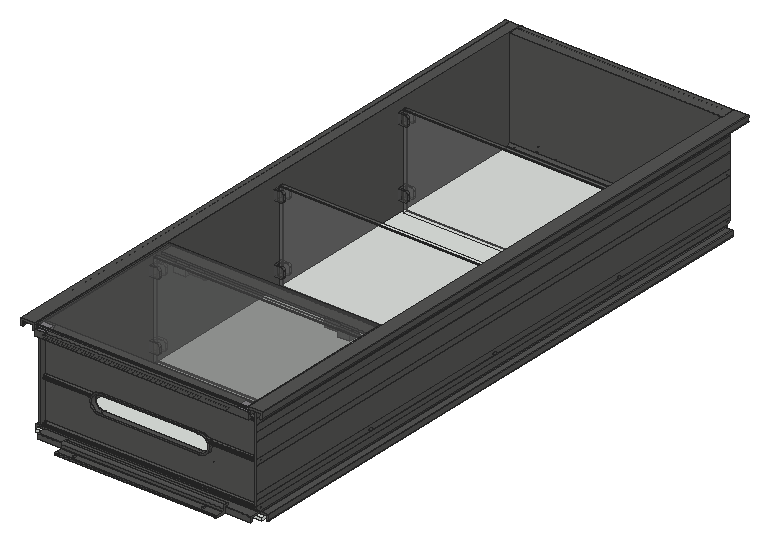
Revit family "Furniture-Shelf-KOHLER-Maxi_Space-K-77217T_1", category Casework, host Face, Revit 2021
Family settings
  Host = Face
  OmniClass Number = 23.25.53.11.13.11
  OmniClass Title = Medicine Cabinet
  Cut with Voids When Loaded = No
  Shared = No
  Room Calculation Point = No
Parameters (values of type "NA-Black")
  Width = 11 13/16"  # constant formula
  WaterSense Certified = 1 = 0  # no
  URL = "http://www.kohler.com.cn/"
  Type = 1
  Product Page URL = ""
  Product Name = "Maxi Space"  # constant formula
  Product Documentation Link = ""
  Model = "K-77217T-NA"  # constant formula
  Material = "Aluminium"  # constant formula
  Master Format 2014 Name = "Bathroom Casework"  # constant formula
  Master Format 2014 = "12 35 30.23"  # constant formula
  Manufacturer Address = "Kohler Beijing Office (100016) 36-2-03-B, No. 88, Liuxiang Road, Beijing"  # constant formula
  Manufacturer = "Kohler Co."  # constant formula
  Product Finish = Kohler-Metal-NA-Black
  Height = 29 123/128"  # constant formula
  Hardware Included = 1 = 0  # no
  Finish = "Kohler-Metal-NA-Black"  # constant formula
  Environmental Product Declaration = ""
  Description = "New Urbanity Vertical Open Shelf"  # constant formula
  Depth = 5 39/256"  # constant formula
  Default Elevation = 60"
  Declare Label = ""
  Date Modified = "08/05/2022"  # constant formula
  Date Created = "08/05/2022"  # constant formula
  Copyright = "Copyright Kohler Co."  # constant formula
  Contact Us = "http://www.kohler.com.cn/contact/contact-us/"
  Construction Type = "Wall Mount"  # constant formula
  Assembly Code = "E2010.30"
  ADA Compliant = 1 = 0  # no
Reference planes (in)
  plane 1 "Center (Front/Back)": y = 0
  plane 2: z = 0
  plane 3 "Center (Left/Right)": x = 0
  plane 4: z = 5.15234
  plane 5: x = -5.90551
  plane 6: x = 5.90699
  plane 7: x = -5.2126
  plane 8: x = -5.19685
  plane 9: x = 5.2126
  plane 10: x = 5.19685
  plane 11: y = 14.8563
  plane 12: y = 14.76378
  plane 13: y = -15.10464
  plane 14: y = -14.76378
  plane 15: y = 7.55217
  plane 16: y = -7.44882
  plane 17: y = -6.62992
Dimensions and locks (in)
  "Height": plane 11 to plane 13
  plane 14 to plane 12 = 29.52756"
  "Width": plane 5 to plane 6
  "Depth": plane 4 to level
  plane 8 to plane 10 = 10.3937"  (x2)
  plane 14 to plane 1 "Center (Front/Back)" = 14.76378"
  plane 14 to plane 16 = 7.31496"
  plane 15 to plane 14 = 22.31594"
  plane 17 to plane 14 = 8.13386"
  aligned and locked: plane 2 to host face
  aligned and locked: level to host face
Automatic sketch dimensions
  host sketch curve to host sketch curve = 96"  (x2)
Nested families (in)
  nested 1: "K-77217T" at (0, 0, 0), type "K-77217T"
Definition of nested family "K-77217T"
  Parameters
    Material = none
    Default Elevation = 0"
  Reference planes (in)
    plane 1 "Center (Front/Back)": y = 0
    plane 2: z = 0
    plane 3 "Center (Left/Right)": x = 0
    plane 4: y = 14.8563
    plane 5: y = -15.1063
    plane 6: x = 5.90551
    plane 7: x = -5.90551
    plane 8: z = 5.15354
    plane 9: y = -14.76378
    plane 10: y = 14.76378
    plane 11: x = -5.2126
    plane 12: x = 5.2126
  Forms (in)
    Extrusion 1, solid, material <- "Material", detail levels medium+fine
      sketch origin (0, 0, 0.22441) x (1, 0, 0) y (0, 0, 1)
        loop
          line (-5.78715, 4.83071) -> (-5.29528, 4.83071) -> (-5.29528, 4.2894)
          arc (-5.29528, 4.2894) -> (-5.30104, 4.27547) -> (-5.31496, 4.26969) r 0.01971
          line (-5.31496, 4.26969) -> (-5.31496, 4.01378)
          arc (-5.31496, 4.01378) -> (-5.30086, 4.00586) -> (-5.29528, 3.99069) r 0.02338
          line (-5.29528, 3.99069) -> (-5.29528, 3.69599)
          arc (-5.29528, 3.69599) -> (-5.30011, 3.67997) -> (-5.31299, 3.66929) r 0.02898
          line (-5.31299, 3.66929) -> (-5.31299, 3.27559)
          arc (-5.31299, 3.27559) -> (-5.30018, 3.26633) -> (-5.29528, 3.2513) r 0.02551
          line (-5.29528, 3.2513) -> (-5.29528, 2.52164)
          arc (-5.29528, 2.52164) -> (-5.3002, 2.50688) -> (-5.31299, 2.49803) r 0.02459
          line (-5.31299, 2.49803) -> (-5.31299, 2.24184)
          arc (-5.31299, 2.24184) -> (-5.30016, 2.23222) -> (-5.29528, 2.21694) r 0.02636
          line (-5.29528, 2.21694) -> (-5.29528, 0.98666)
          arc (-5.29528, 0.98666) -> (-5.30082, 0.97111) -> (-5.31496, 0.9626) r 0.02454
          line (-5.31496, 0.9626) -> (-5.31496, 0.70891)
          arc (-5.31496, 0.70891) -> (-5.30082, 0.70035) -> (-5.29528, 0.68478) r 0.02463
          line (-5.29528, 0.68478) -> (-5.29528, 0.4582) -> (-5.31496, 0.4311) -> (-5.31496, 0.1752) -> (-5.29528, 0.11823)
          arc (-5.29528, 0.11823) -> (-5.30108, 0.10423) -> (-5.31508, 0.09843) r 0.01981
          line (-5.31508, 0.09843) -> (-5.63035, 0.09843)
          arc (-5.63035, 0.09843) -> (-5.64675, 0.09163) -> (-5.65354, 0.07524) r 0.02319
          line (-5.65354, 0.07524) -> (-5.65354, -0.14852)
          arc (-5.65354, -0.14852) -> (-5.61417, -0.18789) -> (-5.5748, -0.14852) r 0.03937
          line (-5.5748, -0.14852) -> (-5.5748, -0.02194)
          arc (-5.5748, -0.02194) -> (-5.56838, -0.00643) -> (-5.55286, 0) r 0.02194
          line (-5.55286, 0) -> (-5.19685, 0) -> (-5.19685, 4.90475)
          arc (-5.19685, 4.90475) -> (-5.20399, 4.92199) -> (-5.22124, 4.92913) r 0.02439
          line (-5.22124, 4.92913) -> (-5.88338, 4.92913)
          arc (-5.88338, 4.92913) -> (-5.89903, 4.92265) -> (-5.90551, 4.907) r 0.02213
          line (-5.90551, 4.907) -> (-5.90551, 4.63559)
          arc (-5.90551, 4.63559) -> (-5.89924, 4.62045) -> (-5.88409, 4.61417) r 0.02142
          line (-5.88409, 4.61417) -> (-5.78942, 4.61417)
          arc (-5.78942, 4.61417) -> (-5.77407, 4.62053) -> (-5.76772, 4.63587) r 0.0217
          line (-5.76772, 4.63587) -> (-5.76772, 4.68662)
          arc (-5.76772, 4.68662) -> (-5.77357, 4.70309) -> (-5.78849, 4.71217) r 0.0261
          arc (-5.78849, 4.71217) -> (-5.80185, 4.7203) -> (-5.80709, 4.73503) r 0.02335
          line (-5.80709, 4.73503) -> (-5.80709, 4.81077)
          arc (-5.80709, 4.81077) -> (-5.80125, 4.82487) -> (-5.78715, 4.83071) r 0.01994
      from -14.76378 to 14.76378
    Extrusion 2, solid, material <- "Material", detail levels medium+fine
      sketch origin (0, 0, 0.22441) x (-1, 0, 0) y (0, 0, -1)
        loop
          arc (-5.78715, -4.83071) -> (-5.80125, -4.82487) -> (-5.80709, -4.81077) r 0.01994
          line (-5.80709, -4.81077) -> (-5.80709, -4.73503)
          arc (-5.80709, -4.73503) -> (-5.80185, -4.7203) -> (-5.78849, -4.71217) r 0.02335
          arc (-5.78849, -4.71217) -> (-5.77357, -4.70309) -> (-5.76772, -4.68662) r 0.0261
          line (-5.76772, -4.68662) -> (-5.76772, -4.63587)
          arc (-5.76772, -4.63587) -> (-5.77407, -4.62053) -> (-5.78942, -4.61417) r 0.0217
          line (-5.78942, -4.61417) -> (-5.88409, -4.61417)
          arc (-5.88409, -4.61417) -> (-5.89924, -4.62045) -> (-5.90551, -4.63559) r 0.02142
          line (-5.90551, -4.63559) -> (-5.90551, -4.907)
          arc (-5.90551, -4.907) -> (-5.89903, -4.92265) -> (-5.88338, -4.92913) r 0.02213
          line (-5.88338, -4.92913) -> (-5.22124, -4.92913)
          arc (-5.22124, -4.92913) -> (-5.20399, -4.92199) -> (-5.19685, -4.90475) r 0.02439
          line (-5.19685, -4.90475) -> (-5.19685, 0) -> (-5.55286, 0)
          arc (-5.55286, 0) -> (-5.56838, 0.00643) -> (-5.5748, 0.02194) r 0.02194
          line (-5.5748, 0.02194) -> (-5.5748, 0.14852)
          arc (-5.5748, 0.14852) -> (-5.61417, 0.18789) -> (-5.65354, 0.14852) r 0.03937
          line (-5.65354, 0.14852) -> (-5.65354, -0.07524)
          arc (-5.65354, -0.07524) -> (-5.64675, -0.09163) -> (-5.63035, -0.09843) r 0.02319
          line (-5.63035, -0.09843) -> (-5.31508, -0.09843)
          arc (-5.31508, -0.09843) -> (-5.30108, -0.10423) -> (-5.29528, -0.11823) r 0.01981
          line (-5.29528, -0.11823) -> (-5.31496, -0.1752) -> (-5.31496, -0.4311) -> (-5.29528, -0.4582) -> (-5.29528, -0.68478)
          arc (-5.29528, -0.68478) -> (-5.30082, -0.70035) -> (-5.31496, -0.70891) r 0.02463
          line (-5.31496, -0.70891) -> (-5.31496, -0.9626)
          arc (-5.31496, -0.9626) -> (-5.30082, -0.97111) -> (-5.29528, -0.98666) r 0.02454
          line (-5.29528, -0.98666) -> (-5.29528, -2.21694)
          arc (-5.29528, -2.21694) -> (-5.30016, -2.23222) -> (-5.31299, -2.24184) r 0.02636
          line (-5.31299, -2.24184) -> (-5.31299, -2.49803)
          arc (-5.31299, -2.49803) -> (-5.3002, -2.50688) -> (-5.29528, -2.52164) r 0.02459
          line (-5.29528, -2.52164) -> (-5.29528, -3.2513)
          arc (-5.29528, -3.2513) -> (-5.30018, -3.26633) -> (-5.31299, -3.27559) r 0.02551
          line (-5.31299, -3.27559) -> (-5.31299, -3.66929)
          arc (-5.31299, -3.66929) -> (-5.30011, -3.67997) -> (-5.29528, -3.69599) r 0.02898
          line (-5.29528, -3.69599) -> (-5.29528, -3.99069)
          arc (-5.29528, -3.99069) -> (-5.30086, -4.00586) -> (-5.31496, -4.01378) r 0.02338
          line (-5.31496, -4.01378) -> (-5.31496, -4.26969)
          arc (-5.31496, -4.26969) -> (-5.30104, -4.27547) -> (-5.29528, -4.2894) r 0.01971
          line (-5.29528, -4.2894) -> (-5.29528, -4.83071) -> (-5.78715, -4.83071)
      from -14.76378 to 14.76378
    Extrusion 3, solid, material <- "Material", detail levels medium+fine
      sketch origin (0, 0, 0.22441) x (0, 1, 0) y (0, 0, 1)
        loop
          arc (-14.15354, 4.25658) -> (-14.22466, 4.25146) -> (-14.27926, 4.2056) r 0.11564
          arc (-14.27926, 4.2056) -> (-14.28093, 4.19025) -> (-14.26994, 4.17941) r 0.01773
          arc (-14.26994, 4.17941) -> (-14.24205, 4.17714) -> (-14.21641, 4.18835) r 0.0573
          arc (-14.21641, 4.18835) -> (-14.12156, 4.13968) -> (-14.21967, 4.09796) r 0.05886
          arc (-14.21967, 4.09796) -> (-14.24559, 4.10809) -> (-14.27178, 4.09869) r 0.03967
          arc (-14.27178, 4.09869) -> (-14.27898, 4.08544) -> (-14.27536, 4.07079) r 0.02085
          arc (-14.27536, 4.07079) -> (-14.22138, 4.0296) -> (-14.15354, 4.02688) r 0.11271
          line (-14.15354, 4.02688) -> (-14.15354, 2.48493)
          arc (-14.15354, 2.48493) -> (-14.22138, 2.48221) -> (-14.27536, 2.44102) r 0.11271
          arc (-14.27536, 2.44102) -> (-14.27898, 2.42638) -> (-14.27178, 2.41312) r 0.02085
          arc (-14.27178, 2.41312) -> (-14.24559, 2.40373) -> (-14.21967, 2.41385) r 0.03967
          arc (-14.21967, 2.41385) -> (-14.12156, 2.37213) -> (-14.21641, 2.32346) r 0.05886
          arc (-14.21641, 2.32346) -> (-14.24205, 2.33467) -> (-14.26994, 2.3324) r 0.0573
          arc (-14.26994, 2.3324) -> (-14.28093, 2.32156) -> (-14.27926, 2.30621) r 0.01773
          arc (-14.27926, 2.30621) -> (-14.22466, 2.26035) -> (-14.15354, 2.25523) r 0.11564
          line (-14.15354, 2.25523) -> (-14.15354, 0.41827)
          arc (-14.15354, 0.41827) -> (-14.22138, 0.41556) -> (-14.27536, 0.37436) r 0.11271
          arc (-14.27536, 0.37436) -> (-14.27898, 0.35972) -> (-14.27178, 0.34647) r 0.02085
          arc (-14.27178, 0.34647) -> (-14.24559, 0.33707) -> (-14.21967, 0.34719) r 0.03967
          arc (-14.21967, 0.34719) -> (-14.12156, 0.30548) -> (-14.21641, 0.25681) r 0.05886
          arc (-14.21641, 0.25681) -> (-14.24205, 0.26802) -> (-14.26994, 0.26574) r 0.0573
          arc (-14.26994, 0.26574) -> (-14.28093, 0.2549) -> (-14.27926, 0.23955) r 0.01773
          arc (-14.27926, 0.23955) -> (-14.22466, 0.19369) -> (-14.15354, 0.18857) r 0.11564
          line (-14.15354, 0.18857) -> (-14.15354, 0.06693) -> (-14.58552, 0.06693)
          arc (-14.58552, 0.06693) -> (-14.60021, 0.06084) -> (-14.6063, 0.04614) r 0.02078
          line (-14.6063, 0.04614) -> (-14.6063, -0.18898) -> (-14.52756, -0.18898) -> (-14.52756, 0) -> (-14.05512, 0) -> (-14.05512, 4.69291) -> (-14.76378, 4.69291) -> (-14.76378, 4.37795) -> (-14.62598, 4.37795) -> (-14.62598, 4.44488) -> (-14.66535, 4.44488) -> (-14.66535, 4.59449) -> (-14.15354, 4.59449) -> (-14.15354, 4.25658)
      from -5.19685 to 5.19685
    Extrusion 4, void
      sketch origin (0, 0, 0.22441) x (1, 0, 0) y (0, 0, 1)
        loop
          line (2.43858, 2.6063) -> (-2.44099, 2.6063)
          arc (-2.44099, 2.6063) -> (-2.91344, 2.13386) -> (-2.44099, 1.66142) r 0.47244
          line (-2.44099, 1.66142) -> (2.43858, 1.66142)
          arc (2.43858, 1.66142) -> (2.91102, 2.13386) -> (2.43858, 2.6063) r 0.47244
      from 13.42184 to 15.45333
    Sweep 5, solid, material <- "Material", detail levels medium+fine
      path origin (0, 0, 0.22441) x (1, 0, 0) y (0, 0, 1)
        loop
          line (2.43858, 2.6063) -> (-2.44099, 2.6063)
          arc (-2.44099, 2.6063) -> (-2.91344, 2.13386) -> (-2.44099, 1.66142) r 0.47244
          line (-2.44099, 1.66142) -> (2.43858, 1.66142)
          arc (2.43858, 1.66142) -> (2.91102, 2.13386) -> (2.43858, 2.6063) r 0.47244
      profile origin (-0.00121, 0, 2.83071) x (0, 0, -1) y (0, -1, 0)
        loop
          line (0, 14.05512) -> (-0.39426, 14.05512)
          arc (-0.39426, 14.05512) -> (-0.38959, 14.03534) -> (-0.37188, 14.02538) r 0.02531
          line (-0.37188, 14.02538) -> (-0.11709, 13.9999)
          arc (-0.11709, 13.9999) -> (-0.07869, 13.99702) -> (-0.04019, 13.99606) r 0.77284
          line (-0.04019, 13.99606) -> (0.03808, 13.99606)
          arc (0.03808, 13.99606) -> (0.05291, 14.00221) -> (0.05906, 14.01704) r 0.02098
          line (0.05906, 14.01704) -> (0.05906, 14.26209)
          arc (0.05906, 14.26209) -> (0.02953, 14.29162) -> (0, 14.26209) r 0.02953
          line (0, 14.26209) -> (0, 14.05512)
    Extrusion 6, solid, material <- "Material", detail levels medium+fine
      sketch origin (0, 0, 0.22441) x (0, 1, 0) y (0, 0, 1)
        loop
          line (-14.72866, -0.12205) -> (-15.08619, -0.12205)
          arc (-15.08619, -0.12205) -> (-15.10041, -0.12794) -> (-15.1063, -0.14215) r 0.02011
          line (-15.1063, -0.14215) -> (-15.1063, -0.20472)
          arc (-15.1063, -0.20472) -> (-15.10053, -0.21864) -> (-15.08661, -0.22441) r 0.01969
          line (-15.08661, -0.22441) -> (-14.72498, -0.22441)
          arc (-14.72498, -0.22441) -> (-14.64106, -0.18965) -> (-14.6063, -0.10573) r 0.11868
          line (-14.6063, -0.10573) -> (-14.6063, 0.04616)
          arc (-14.6063, 0.04616) -> (-14.60022, 0.06085) -> (-14.58553, 0.06693) r 0.02077
          line (-14.58553, 0.06693) -> (-14.46166, 0.06693)
          arc (-14.46166, 0.06693) -> (-14.42229, 0.1063) -> (-14.46166, 0.14567) r 0.03937
          line (-14.46166, 0.14567) -> (-14.59173, 0.14567)
          arc (-14.59173, 0.14567) -> (-14.67441, 0.11142) -> (-14.70866, 0.02873) r 0.11694
          line (-14.70866, 0.02873) -> (-14.70866, -0.10205)
          arc (-14.70866, -0.10205) -> (-14.71452, -0.11619) -> (-14.72866, -0.12205) r 0.02
      from -3.93701 to 3.93701
    Extrusion 7, solid, material <- "Material", detail levels medium+fine
      sketch origin (0, 0, 0.22441) x (0, -1, 0) y (0, 0, -1)
        loop
          line (-14.15354, -4.27939) -> (-14.15354, -4.81031)
          arc (-14.15354, -4.81031) -> (-14.15952, -4.82473) -> (-14.17394, -4.83071) r 0.0204
          line (-14.17394, -4.83071) -> (-14.64575, -4.83071)
          arc (-14.64575, -4.83071) -> (-14.65961, -4.82497) -> (-14.66535, -4.8111) r 0.01961
          line (-14.66535, -4.8111) -> (-14.66535, -4.6811) -> (-14.62598, -4.6811) -> (-14.62598, -4.61417) -> (-14.76378, -4.61417) -> (-14.76378, -4.9074)
          arc (-14.76378, -4.9074) -> (-14.75741, -4.92277) -> (-14.74204, -4.92913) r 0.02174
          line (-14.74204, -4.92913) -> (-14.07674, -4.92913)
          arc (-14.07674, -4.92913) -> (-14.06145, -4.9228) -> (-14.05512, -4.90751) r 0.02163
          line (-14.05512, -4.90751) -> (-14.05512, -0.17489)
          arc (-14.05512, -0.17489) -> (-14.02119, -0.09298) -> (-13.93929, -0.05906) r 0.11583
          line (-13.93929, -0.05906) -> (-13.83858, -0.05906)
          arc (-13.83858, -0.05906) -> (-13.79687, -0.04173) -> (-13.7797, 0.00005) r 0.05888
          arc (-13.7797, 0.00005) -> (-13.7855, 0.01394) -> (-13.79941, 0.01969) r 0.01971
          line (-13.79941, 0.01969) -> (-13.83128, 0.01969) -> (-13.8594, 0) -> (-14.26353, 0)
          arc (-14.26353, 0) -> (-14.27762, 0.00584) -> (-14.28346, 0.01994) r 0.01994
          line (-14.28346, 0.01994) -> (-14.28346, 0.1689)
          arc (-14.28346, 0.1689) -> (-14.28934, 0.1831) -> (-14.30354, 0.18898) r 0.02007
          line (-14.30354, 0.18898) -> (-14.34165, 0.18898)
          arc (-14.34165, 0.18898) -> (-14.35619, 0.18296) -> (-14.3622, 0.16843) r 0.02055
          line (-14.3622, 0.16843) -> (-14.3622, -0.01048)
          arc (-14.3622, -0.01048) -> (-14.34567, -0.05039) -> (-14.30575, -0.06693) r 0.05645
          line (-14.30575, -0.06693) -> (-14.15354, -0.06693) -> (-14.15354, -0.16415)
          arc (-14.15354, -0.16415) -> (-14.16012, -0.1795) -> (-14.17576, -0.18534) r 0.02122
          arc (-14.17576, -0.18534) -> (-14.20499, -0.18769) -> (-14.23269, -0.19731) r 0.11564
          arc (-14.23269, -0.19731) -> (-14.24609, -0.23706) -> (-14.20637, -0.25054) r 0.02969
          arc (-14.20637, -0.25054) -> (-14.12152, -0.3034) -> (-14.20644, -0.35614) r 0.05886
          arc (-14.20644, -0.35614) -> (-14.24701, -0.36985) -> (-14.23336, -0.41044) r 0.0303
          arc (-14.23336, -0.41044) -> (-14.20454, -0.42019) -> (-14.17417, -0.42188) r 0.11271
          arc (-14.17417, -0.42188) -> (-14.15969, -0.42688) -> (-14.15354, -0.44091) r 0.0191
          line (-14.15354, -0.44091) -> (-14.15354, -2.22925)
          arc (-14.15354, -2.22925) -> (-14.16049, -2.24559) -> (-14.17707, -2.25195) r 0.02271
          arc (-14.17707, -2.25195) -> (-14.20644, -2.25466) -> (-14.23418, -2.26471) r 0.11564
          arc (-14.23418, -2.26471) -> (-14.247, -2.30465) -> (-14.2071, -2.31756) r 0.02969
          arc (-14.2071, -2.31756) -> (-14.12152, -2.36945) -> (-14.20609, -2.42296) r 0.05886
          arc (-14.20609, -2.42296) -> (-14.24658, -2.43695) -> (-14.23263, -2.47745) r 0.03031
          arc (-14.23263, -2.47745) -> (-14.20405, -2.48694) -> (-14.17398, -2.48852) r 0.11271
          arc (-14.17398, -2.48852) -> (-14.15963, -2.49345) -> (-14.15354, -2.50735) r 0.0189
          line (-14.15354, -2.50735) -> (-14.15354, -4.0022)
          arc (-14.15354, -4.0022) -> (-14.16018, -4.01752) -> (-14.1759, -4.02315) r 0.021
          arc (-14.1759, -4.02315) -> (-14.20299, -4.02468) -> (-14.22894, -4.03264) r 0.11271
          arc (-14.22894, -4.03264) -> (-14.24432, -4.07264) -> (-14.20431, -4.08802) r 0.03031
          arc (-14.20431, -4.08802) -> (-14.12152, -4.14236) -> (-14.20533, -4.19511) r 0.05886
          arc (-14.20533, -4.19511) -> (-14.24478, -4.20938) -> (-14.23059, -4.24887) r 0.0297
          arc (-14.23059, -4.24887) -> (-14.20317, -4.25783) -> (-14.17439, -4.25974) r 0.11564
          arc (-14.17439, -4.25974) -> (-14.15973, -4.26507) -> (-14.15354, -4.27939) r 0.01969
      from -5.19685 to 5.19685
    Extrusion 8, solid, material <- "Material", detail levels medium+fine
      sketch origin (0, 0, 0.22441) x (0, 1, 0) y (0, 0, 1)
        loop
          line (14.20813, 0.08071) -> (14.36417, 0.08071) -> (14.36417, -0.1752) -> (14.8563, -0.1752) -> (14.8563, -0.0689) -> (14.50984, -0.0689)
          arc (14.50984, -0.0689) -> (14.482, -0.05737) -> (14.47047, -0.02953) r 0.03937
          line (14.47047, -0.02953) -> (14.47047, 0.04199)
          arc (14.47047, 0.04199) -> (14.46847, 0.06059) -> (14.46256, 0.07834) r 0.08743
          line (14.46256, 0.07834) -> (14.35171, 0.32082)
          arc (14.35171, 0.32082) -> (14.34173, 0.33233) -> (14.32712, 0.33661) r 0.02703
          line (14.32712, 0.33661) -> (14.22239, 0.33661)
          arc (14.22239, 0.33661) -> (14.12784, 0.30456) -> (14.2198, 0.26567) r 0.05341
          arc (14.2198, 0.26567) -> (14.27412, 0.26761) -> (14.27756, 0.21336) r 0.03898
          line (14.27756, 0.21336) -> (14.19268, 0.11429)
          arc (14.19268, 0.11429) -> (14.18964, 0.09255) -> (14.20813, 0.08071) r 0.02034
      from 2.51969 to 4.01575
    Extrusion 9, solid, material <- "Material", detail levels medium+fine
      sketch origin (-6.31496, 0, 0.22441) x (0, 1, 0) y (0, 0, 1)
        loop
          line (14.20813, 0.08071) -> (14.36417, 0.08071) -> (14.36417, -0.1752) -> (14.8563, -0.1752) -> (14.8563, -0.0689) -> (14.50984, -0.0689)
          arc (14.50984, -0.0689) -> (14.482, -0.05737) -> (14.47047, -0.02953) r 0.03937
          line (14.47047, -0.02953) -> (14.47047, 0.04199)
          arc (14.47047, 0.04199) -> (14.46847, 0.06059) -> (14.46256, 0.07834) r 0.08743
          line (14.46256, 0.07834) -> (14.35171, 0.32082)
          arc (14.35171, 0.32082) -> (14.34173, 0.33233) -> (14.32712, 0.33661) r 0.02703
          line (14.32712, 0.33661) -> (14.22239, 0.33661)
          arc (14.22239, 0.33661) -> (14.12784, 0.30456) -> (14.2198, 0.26567) r 0.05341
          arc (14.2198, 0.26567) -> (14.27412, 0.26761) -> (14.27756, 0.21336) r 0.03898
          line (14.27756, 0.21336) -> (14.19268, 0.11429)
          arc (14.19268, 0.11429) -> (14.18964, 0.09255) -> (14.20813, 0.08071) r 0.02034
      from 2.29921 to 3.79528
    Sweep 10, solid, detail levels medium+fine
      path origin (0, 0, 0.22441) x (1, 0, 0) y (0, 0, 1)
        loop
          line (4.99405, 4.49631) -> (-4.98282, 4.49631) -> (-4.98282, 0.03125) -> (4.99405, 0.03125) -> (4.99405, 4.49631)
      profile origin (0.00561, 0, 4.72072) x (0, 0, -1) y (0, -1, 0)
        loop
          line (-0.03125, 0.09375) -> (-0.03125, -0.07997) -> (0, -0.11122) -> (0.72965, -0.11122) -> (0.72965, 0.125) -> (0, 0.125) -> (-0.03125, 0.09375)
    Extrusion 11, solid, detail levels medium+fine
      sketch origin (0, 0, 0.22441) x (1, 0, 0) y (0, 0, 1)
        loop
          line (4.26439, 3.76665) -> (-4.25317, 3.76665) -> (-4.25317, 0.7609) -> (4.26439, 0.7609) -> (4.26439, 3.76665)
      from -0.11122 to 0.125
    Sweep 12, solid, detail levels medium+fine
      path origin (0, -7.55906, 0.42913) x (1, 0, 0) y (0, 0, 1)
        loop
          line (4.96314, 4.49631) -> (-5.0531, 4.49631) -> (-5.0531, -0.08686) -> (4.96314, -0.08686) -> (4.96314, 4.49631)
      profile origin (-0.04498, -7.55906, 4.92544) x (0, 0, -1) y (0, -1, 0)
        loop
          line (-0.03125, 0.09375) -> (-0.03125, -0.07997) -> (0, -0.11122) -> (0.72965, -0.11122) -> (0.72965, 0.125) -> (0, 0.125) -> (-0.03125, 0.09375)
    Extrusion 13, solid, detail levels medium+fine
      sketch origin (0, -7.55906, 0.42913) x (1, 0, 0) y (0, 0, 1)
        loop
          line (4.26439, 3.76665) -> (-4.32345, 3.76665) -> (-4.32345, 0.61811) -> (4.26439, 0.61811) -> (4.26439, 3.76665)
      from -0.11122 to 0.125
    Sweep 14, solid, detail levels medium+fine
      path origin (0, 7.55906, 0.22441) x (1, 0, 0) y (0, 0, 1)
        loop
          line (4.99405, 4.49631) -> (-4.98282, 4.49631) -> (-4.98282, 0.03125) -> (4.99405, 0.03125) -> (4.99405, 4.49631)
      profile origin (0.00561, 7.55906, 4.72072) x (0, 0, -1) y (0, -1, 0)
        loop
          line (-0.03125, 0.09375) -> (-0.03125, -0.07997) -> (0, -0.11122) -> (0.72965, -0.11122) -> (0.72965, 0.125) -> (0, 0.125) -> (-0.03125, 0.09375)
    Extrusion 15, solid, detail levels medium+fine
      sketch origin (0, 7.55906, 0.22441) x (1, 0, 0) y (0, 0, 1)
        loop
          line (4.26439, 3.76665) -> (-4.25317, 3.76665) -> (-4.25317, 0.7609) -> (4.26439, 0.7609) -> (4.26439, 3.76665)
      from -0.11122 to 0.125
    Extrusion 16, solid
      sketch origin (0, 0, 0.22441) x (1, 0, 0) y (0, 1, 0)
        loop
          line (-5.51181, 14.1063) -> (-5.51181, -14.34252) -> (5.51181, -14.34252) -> (5.51181, 14.1063) -> (-5.51181, 14.1063)
      from -0.11811 to 0
    Extrusion 17, solid, detail levels medium+fine
      sketch origin (0, 0, 0.22441) x (1, 0, 0) y (0, 0, 1)
        loop
          line (5.17628, 4.39173) -> (4.82271, 4.39173)
          arc (4.82271, 4.39173) -> (4.73371, 4.35487) -> (4.69685, 4.26588) r 0.12586
          line (4.69685, 4.26588) -> (4.69685, 4.01358)
          arc (4.69685, 4.01358) -> (4.73254, 3.92742) -> (4.8187, 3.89173) r 0.12185
          line (4.8187, 3.89173) -> (5.1771, 3.89173)
          arc (5.1771, 3.89173) -> (5.19107, 3.89752) -> (5.19685, 3.91148) r 0.01975
          line (5.19685, 3.91148) -> (5.19685, 4.37116)
          arc (5.19685, 4.37116) -> (5.19083, 4.38571) -> (5.17628, 4.39173) r 0.02057
        loop
          arc (-5.17628, 4.39173) -> (-5.19083, 4.38571) -> (-5.19685, 4.37116) r 0.02057
          line (-5.19685, 4.37116) -> (-5.19685, 3.91148)
          arc (-5.19685, 3.91148) -> (-5.19107, 3.89752) -> (-5.1771, 3.89173) r 0.01975
          line (-5.1771, 3.89173) -> (-4.8187, 3.89173)
          arc (-4.8187, 3.89173) -> (-4.73254, 3.92742) -> (-4.69685, 4.01358) r 0.12185
          line (-4.69685, 4.01358) -> (-4.69685, 4.26588)
          arc (-4.69685, 4.26588) -> (-4.73371, 4.35487) -> (-4.82271, 4.39173) r 0.12586
          line (-4.82271, 4.39173) -> (-5.17628, 4.39173)
        loop
          arc (5.17628, 0.58465) -> (5.19083, 0.59067) -> (5.19685, 0.60522) r 0.02057
          line (5.19685, 0.60522) -> (5.19685, 1.0649)
          arc (5.19685, 1.0649) -> (5.19107, 1.07886) -> (5.1771, 1.08465) r 0.01975
          line (5.1771, 1.08465) -> (4.8187, 1.08465)
          arc (4.8187, 1.08465) -> (4.73254, 1.04896) -> (4.69685, 0.96279) r 0.12185
          line (4.69685, 0.96279) -> (4.69685, 0.7105)
          arc (4.69685, 0.7105) -> (4.73371, 0.62151) -> (4.82271, 0.58465) r 0.12586
          line (4.82271, 0.58465) -> (5.17628, 0.58465)
        loop
          line (-5.17628, 0.58465) -> (-4.82271, 0.58465)
          arc (-4.82271, 0.58465) -> (-4.73371, 0.62151) -> (-4.69685, 0.7105) r 0.12586
          line (-4.69685, 0.7105) -> (-4.69685, 0.96279)
          arc (-4.69685, 0.96279) -> (-4.73254, 1.04896) -> (-4.8187, 1.08465) r 0.12185
          line (-4.8187, 1.08465) -> (-5.1771, 1.08465)
          arc (-5.1771, 1.08465) -> (-5.19107, 1.07886) -> (-5.19685, 1.0649) r 0.01975
          line (-5.19685, 1.0649) -> (-5.19685, 0.60522)
          arc (-5.19685, 0.60522) -> (-5.19083, 0.59067) -> (-5.17628, 0.58465) r 0.02057
      from -0.25 to 0.25
    Extrusion 18, void
      sketch origin (0, 0, 0.22441) x (1, 0, 0) y (0, 1, 0)
        loop
          line (4.67061, -0.125) -> (5.06432, -0.125)
          arc (5.06432, -0.125) -> (5.07848, -0.11913) -> (5.08435, -0.10497) r 0.02003
          line (5.08435, -0.10497) -> (5.08435, 0.10476)
          arc (5.08435, 0.10476) -> (5.07842, 0.11907) -> (5.06411, 0.125) r 0.02024
          line (5.06411, 0.125) -> (4.67061, 0.125) -> (4.67061, -0.125)
        loop
          line (-4.67061, -0.125) -> (-4.67061, 0.125) -> (-5.06411, 0.125)
          arc (-5.06411, 0.125) -> (-5.07842, 0.11907) -> (-5.08435, 0.10476) r 0.02024
          line (-5.08435, 0.10476) -> (-5.08435, -0.10497)
          arc (-5.08435, -0.10497) -> (-5.07848, -0.11913) -> (-5.06432, -0.125) r 0.02003
          line (-5.06432, -0.125) -> (-4.67061, -0.125)
      from -0.48413 to 5.52458
    Extrusion 19, solid, detail levels medium+fine
      sketch origin (0, 7.55906, 0.22441) x (1, 0, 0) y (0, 0, 1)
        loop
          line (5.17628, 4.39173) -> (4.82271, 4.39173)
          arc (4.82271, 4.39173) -> (4.73371, 4.35487) -> (4.69685, 4.26588) r 0.12586
          line (4.69685, 4.26588) -> (4.69685, 4.01358)
          arc (4.69685, 4.01358) -> (4.73254, 3.92742) -> (4.8187, 3.89173) r 0.12185
          line (4.8187, 3.89173) -> (5.1771, 3.89173)
          arc (5.1771, 3.89173) -> (5.19107, 3.89752) -> (5.19685, 3.91148) r 0.01975
          line (5.19685, 3.91148) -> (5.19685, 4.37116)
          arc (5.19685, 4.37116) -> (5.19083, 4.38571) -> (5.17628, 4.39173) r 0.02057
        loop
          arc (-5.17628, 4.39173) -> (-5.19083, 4.38571) -> (-5.19685, 4.37116) r 0.02057
          line (-5.19685, 4.37116) -> (-5.19685, 3.91148)
          arc (-5.19685, 3.91148) -> (-5.19107, 3.89752) -> (-5.1771, 3.89173) r 0.01975
          line (-5.1771, 3.89173) -> (-4.8187, 3.89173)
          arc (-4.8187, 3.89173) -> (-4.73254, 3.92742) -> (-4.69685, 4.01358) r 0.12185
          line (-4.69685, 4.01358) -> (-4.69685, 4.26588)
          arc (-4.69685, 4.26588) -> (-4.73371, 4.35487) -> (-4.82271, 4.39173) r 0.12586
          line (-4.82271, 4.39173) -> (-5.17628, 4.39173)
        loop
          arc (5.17628, 0.58465) -> (5.19083, 0.59067) -> (5.19685, 0.60522) r 0.02057
          line (5.19685, 0.60522) -> (5.19685, 1.0649)
          arc (5.19685, 1.0649) -> (5.19107, 1.07886) -> (5.1771, 1.08465) r 0.01975
          line (5.1771, 1.08465) -> (4.8187, 1.08465)
          arc (4.8187, 1.08465) -> (4.73254, 1.04896) -> (4.69685, 0.96279) r 0.12185
          line (4.69685, 0.96279) -> (4.69685, 0.7105)
          arc (4.69685, 0.7105) -> (4.73371, 0.62151) -> (4.82271, 0.58465) r 0.12586
          line (4.82271, 0.58465) -> (5.17628, 0.58465)
        loop
          line (-5.17628, 0.58465) -> (-4.82271, 0.58465)
          arc (-4.82271, 0.58465) -> (-4.73371, 0.62151) -> (-4.69685, 0.7105) r 0.12586
          line (-4.69685, 0.7105) -> (-4.69685, 0.96279)
          arc (-4.69685, 0.96279) -> (-4.73254, 1.04896) -> (-4.8187, 1.08465) r 0.12185
          line (-4.8187, 1.08465) -> (-5.1771, 1.08465)
          arc (-5.1771, 1.08465) -> (-5.19107, 1.07886) -> (-5.19685, 1.0649) r 0.01975
          line (-5.19685, 1.0649) -> (-5.19685, 0.60522)
          arc (-5.19685, 0.60522) -> (-5.19083, 0.59067) -> (-5.17628, 0.58465) r 0.02057
      from -0.25 to 0.25
    Extrusion 20, void
      sketch origin (0, 7.55906, 0.22441) x (1, 0, 0) y (0, 1, 0)
        loop
          line (4.67061, -0.125) -> (5.06432, -0.125)
          arc (5.06432, -0.125) -> (5.07848, -0.11913) -> (5.08435, -0.10497) r 0.02003
          line (5.08435, -0.10497) -> (5.08435, 0.10476)
          arc (5.08435, 0.10476) -> (5.07842, 0.11907) -> (5.06411, 0.125) r 0.02024
          line (5.06411, 0.125) -> (4.67061, 0.125) -> (4.67061, -0.125)
        loop
          line (-4.67061, -0.125) -> (-4.67061, 0.125) -> (-5.06411, 0.125)
          arc (-5.06411, 0.125) -> (-5.07842, 0.11907) -> (-5.08435, 0.10476) r 0.02024
          line (-5.08435, 0.10476) -> (-5.08435, -0.10497)
          arc (-5.08435, -0.10497) -> (-5.07848, -0.11913) -> (-5.06432, -0.125) r 0.02003
          line (-5.06432, -0.125) -> (-4.67061, -0.125)
      from -0.48413 to 5.52458
    Extrusion 21, solid, detail levels medium+fine
      sketch origin (0, -7.55906, 0.22441) x (1, 0, 0) y (0, 0, 1)
        loop
          line (5.17628, 4.39173) -> (4.82271, 4.39173)
          arc (4.82271, 4.39173) -> (4.73371, 4.35487) -> (4.69685, 4.26588) r 0.12586
          line (4.69685, 4.26588) -> (4.69685, 4.01358)
          arc (4.69685, 4.01358) -> (4.73254, 3.92742) -> (4.8187, 3.89173) r 0.12185
          line (4.8187, 3.89173) -> (5.1771, 3.89173)
          arc (5.1771, 3.89173) -> (5.19107, 3.89752) -> (5.19685, 3.91148) r 0.01975
          line (5.19685, 3.91148) -> (5.19685, 4.37116)
          arc (5.19685, 4.37116) -> (5.19083, 4.38571) -> (5.17628, 4.39173) r 0.02057
        loop
          arc (-5.17628, 4.39173) -> (-5.19083, 4.38571) -> (-5.19685, 4.37116) r 0.02057
          line (-5.19685, 4.37116) -> (-5.19685, 3.91148)
          arc (-5.19685, 3.91148) -> (-5.19107, 3.89752) -> (-5.1771, 3.89173) r 0.01975
          line (-5.1771, 3.89173) -> (-4.8187, 3.89173)
          arc (-4.8187, 3.89173) -> (-4.73254, 3.92742) -> (-4.69685, 4.01358) r 0.12185
          line (-4.69685, 4.01358) -> (-4.69685, 4.26588)
          arc (-4.69685, 4.26588) -> (-4.73371, 4.35487) -> (-4.82271, 4.39173) r 0.12586
          line (-4.82271, 4.39173) -> (-5.17628, 4.39173)
        loop
          arc (5.17628, 0.58465) -> (5.19083, 0.59067) -> (5.19685, 0.60522) r 0.02057
          line (5.19685, 0.60522) -> (5.19685, 1.0649)
          arc (5.19685, 1.0649) -> (5.19107, 1.07886) -> (5.1771, 1.08465) r 0.01975
          line (5.1771, 1.08465) -> (4.8187, 1.08465)
          arc (4.8187, 1.08465) -> (4.73254, 1.04896) -> (4.69685, 0.96279) r 0.12185
          line (4.69685, 0.96279) -> (4.69685, 0.7105)
          arc (4.69685, 0.7105) -> (4.73371, 0.62151) -> (4.82271, 0.58465) r 0.12586
          line (4.82271, 0.58465) -> (5.17628, 0.58465)
        loop
          line (-5.17628, 0.58465) -> (-4.82271, 0.58465)
          arc (-4.82271, 0.58465) -> (-4.73371, 0.62151) -> (-4.69685, 0.7105) r 0.12586
          line (-4.69685, 0.7105) -> (-4.69685, 0.96279)
          arc (-4.69685, 0.96279) -> (-4.73254, 1.04896) -> (-4.8187, 1.08465) r 0.12185
          line (-4.8187, 1.08465) -> (-5.1771, 1.08465)
          arc (-5.1771, 1.08465) -> (-5.19107, 1.07886) -> (-5.19685, 1.0649) r 0.01975
          line (-5.19685, 1.0649) -> (-5.19685, 0.60522)
          arc (-5.19685, 0.60522) -> (-5.19083, 0.59067) -> (-5.17628, 0.58465) r 0.02057
      from -0.25 to 0.25
    Extrusion 22, void
      sketch origin (0, -7.55906, 0.22441) x (1, 0, 0) y (0, 1, 0)
        loop
          line (4.67061, -0.125) -> (5.06432, -0.125)
          arc (5.06432, -0.125) -> (5.07848, -0.11913) -> (5.08435, -0.10497) r 0.02003
          line (5.08435, -0.10497) -> (5.08435, 0.10476)
          arc (5.08435, 0.10476) -> (5.07842, 0.11907) -> (5.06411, 0.125) r 0.02024
          line (5.06411, 0.125) -> (4.67061, 0.125) -> (4.67061, -0.125)
        loop
          line (-4.67061, -0.125) -> (-4.67061, 0.125) -> (-5.06411, 0.125)
          arc (-5.06411, 0.125) -> (-5.07842, 0.11907) -> (-5.08435, 0.10476) r 0.02024
          line (-5.08435, 0.10476) -> (-5.08435, -0.10497)
          arc (-5.08435, -0.10497) -> (-5.07848, -0.11913) -> (-5.06432, -0.125) r 0.02003
          line (-5.06432, -0.125) -> (-4.67061, -0.125)
      from -0.48413 to 5.52458
    Sweep 23, solid
      path origin (0, 0, 0.22441) x (1, 0, 0) y (0, 1, 0)
        loop
          line (-5.08915, -6.66831) -> (-5.08915, -14.77854) -> (5.18644, -14.77854) -> (5.18644, -6.66831) -> (-5.08915, -6.66831)
      profile origin (0.04864, -6.66831, 0.22441) x (0, -1, 0) y (0, 0, 1)
        loop
          line (1.19994, 4.80342) -> (1.19994, 4.92153) -> (0.00462, 4.92153) -> (-0.01969, 4.90184) -> (-0.01969, 4.8231) -> (0.00462, 4.80342) -> (1.19994, 4.80342)
    Extrusion 24, solid
      sketch origin (-5.08453, -6.67293, 5.14594) x (0, -1, 0) y (1, 0, 0)
        loop
          line (6.90567, 1.19532) -> (6.90567, 9.07102) -> (1.19532, 9.07102) -> (1.19532, 1.19532) -> (6.90567, 1.19532)
      from 0 to -0.11811
    Extrusion 25, void
      sketch origin (0, 0, 0.22441) x (0, -1, 0) y (0, 0, -1)
        loop
          line (14.37795, -4.61417) -> (14.91927, -4.61417) -> (14.91927, 0.50807) -> (14.12205, 0.50807) -> (14.12205, -0.12707)
          arc (14.12205, -0.12707) -> (14.13883, -0.16747) -> (14.1793, -0.18409) r 0.05701
          arc (14.1793, -0.18409) -> (14.31972, -0.24172) -> (14.37795, -0.38189) r 0.19781
          line (14.37795, -0.38189) -> (14.37795, -4.61417)
        loop
          circle (14.181, -4.14119) r 0.07122
        loop
          circle (14.181, -2.36954) r 0.07122
        loop
          circle (14.181, -0.30341) r 0.07122
      from -5.65354 to 5.65354
    Extrusion 26, solid, material <- "Material", detail levels medium+fine
      sketch origin (-2.92498, -7.29193, 4.94987) x (0, 0, -1) y (0, 1, 0)
        loop
          line (0.27283, 0.38976) -> (0, 0.38976) -> (0, 0) -> (0.27283, 0)
          arc (0.27283, 0) -> (0.46772, 0.19488) -> (0.27283, 0.38976) r 0.19488
      from -0.77173 to 0
    Extrusion 27, solid, material <- "Material", detail levels medium+fine
      sketch origin (-4.28907, -7.60374, -2.83858) x (0, 0, 1) y (0, 1, 0)
        loop
          arc (7.7105, 0.50693) -> (7.51562, 0.70181) -> (7.32074, 0.50693) r 0.19488
          line (7.32074, 0.50693) -> (7.32074, 0.15591) -> (7.7105, 0.15591) -> (7.7105, 0.50693)
      from 0 to -0.58465
    Extrusion 28, solid, material <- "Material", detail levels medium+fine
      sketch origin (-4.99073, -4.96894, 5.29121) x (0, 1, 0) y (0, 0, -1)
        loop
          line (-1.70604, 0.28621) -> (-1.8163, 0.34134) -> (-2.32299, 0.34134) -> (-2.32299, 0.26339) -> (-1.71142, 0.26339)
          arc (-1.71142, 0.26339) -> (-1.6997, 0.27266) -> (-1.70604, 0.28621) r 0.01205
      from -9.97795 to 0
    Extrusion 29, solid, material <- "Material", detail levels medium+fine
      sketch origin (5.02452, -7.29193, 4.94987) x (0, 0, -1) y (0, 1, 0)
        loop
          line (0.27283, 0.38976) -> (0, 0.38976) -> (0, 0) -> (0.27283, 0)
          arc (0.27283, 0) -> (0.46772, 0.19488) -> (0.27283, 0.38976) r 0.19488
      from -2.10305 to -1.33131
    Extrusion 30, solid, material <- "Material", detail levels medium+fine
      sketch origin (3.66043, -7.60374, -2.83858) x (0, 0, 1) y (0, 1, 0)
        loop
          arc (7.7105, 0.50693) -> (7.51562, 0.70181) -> (7.32074, 0.50693) r 0.19488
          line (7.32074, 0.50693) -> (7.32074, 0.15591) -> (7.7105, 0.15591) -> (7.7105, 0.50693)
      from -0.04065 to -0.6253
    Extrusion 31, void
      sketch origin (0, 0, 0.22441) x (1, 0, 0) y (0, 0, 1)
        loop
          line (0.7874, 0.10351) -> (0.7874, 0.61447) -> (-0.7874, 0.61447) -> (-0.7874, 0.10351) -> (0.7874, 0.10351)
      from -14.62598 to -14.15354
    Extrusion 32, void
      sketch origin (0, 0, 0.22441) x (0, 1, 0) y (0, 0, 1)
        loop
          line (14.37795, 4.61417) -> (14.37795, 0.38189)
          arc (14.37795, 0.38189) -> (14.31972, 0.24172) -> (14.1793, 0.18409) r 0.19781
          arc (14.1793, 0.18409) -> (14.13883, 0.16747) -> (14.12205, 0.12707) r 0.05701
          line (14.12205, 0.12707) -> (14.12205, -0.50807) -> (14.91927, -0.50807) -> (14.91927, 4.61417) -> (14.37795, 4.61417)
        loop
          circle (14.181, 4.14119) r 0.07122
        loop
          circle (14.181, 2.36954) r 0.07122
        loop
          circle (14.181, 0.30341) r 0.07122
      from -5.65354 to 5.65354
    Extrusion 33, solid, material <- "Material", detail levels medium+fine
      sketch origin (0, 0, 0) x (0, 1, 0) y (0, 0, 1)
        loop
          circle (-7.55866, 1.05906) r 0.05689
        loop
          circle (-0.00043, 1.05906) r 0.0565
        loop
          circle (7.55823, 1.05906) r 0.0561
        loop
          circle (-7.55866, 4.36565) r 0.05689
        loop
          circle (-0.00043, 4.36565) r 0.0565
        loop
          circle (7.55823, 4.36565) r 0.0561
      from -5.39685 to -5.29528
    Extrusion 34, solid, material <- "Material", detail levels medium+fine
      sketch origin (0, 0, 0) x (0, 1, 0) y (0, 0, -1)
        loop
          circle (-7.55866, -1.05906) r 0.05689
        loop
          circle (-0.00043, -1.05906) r 0.0565
        loop
          circle (7.55823, -1.05906) r 0.0561
        loop
          circle (-7.55866, -4.36565) r 0.05689
        loop
          circle (-0.00043, -4.36565) r 0.0565
        loop
          circle (7.55823, -4.36565) r 0.0561
      from -5.39685 to -5.29528
    Blend 35, solid, detail levels medium+fine
      base sketch origin (0, 0, 0) x (1, 0, 0) y (0, 1, 0)
        loop
          line (-4.60884, -14.77775) -> (-4.60884, -14.31952)
          arc (-4.60884, -14.31952) -> (-4.61507, -14.30446) -> (-4.63013, -14.29823) r 0.02129
          line (-4.63013, -14.29823) -> (-5.08819, -14.29823)
          arc (-5.08819, -14.29823) -> (-5.10279, -14.30428) -> (-5.10884, -14.31888) r 0.02065
          line (-5.10884, -14.31888) -> (-5.10884, -14.77767)
          arc (-5.10884, -14.77767) -> (-5.10282, -14.79221) -> (-5.08828, -14.79823) r 0.02056
          line (-5.08828, -14.79823) -> (-4.62932, -14.79823)
          arc (-4.62932, -14.79823) -> (-4.61484, -14.79223) -> (-4.60884, -14.77775) r 0.02048
      top sketch origin (0, 0, 0) x (1, 0, 0) y (0, 1, 0)
        loop
          line (-5.03926, -14.7538) -> (-4.67607, -14.7538)
          arc (-4.67607, -14.7538) -> (-4.65995, -14.74712) -> (-4.65326, -14.73099) r 0.02281
          line (-4.65326, -14.73099) -> (-4.65326, -14.36618)
          arc (-4.65326, -14.36618) -> (-4.66016, -14.34954) -> (-4.67679, -14.34265) r 0.02353
          line (-4.67679, -14.34265) -> (-5.04079, -14.34265)
          arc (-5.04079, -14.34265) -> (-5.05749, -14.34957) -> (-5.06441, -14.36628) r 0.02362
          line (-5.06441, -14.36628) -> (-5.06441, -14.72865)
          arc (-5.06441, -14.72865) -> (-5.05705, -14.74644) -> (-5.03926, -14.7538) r 0.02515
      from 5.02782 to 4.90971
    Blend 36, solid, detail levels medium+fine
      base sketch origin (0.09728, 0, 0) x (-1, 0, 0) y (0, -1, 0)
        loop
          arc (-4.60884, 14.77775) -> (-4.61484, 14.79223) -> (-4.62932, 14.79823) r 0.02048
          line (-4.62932, 14.79823) -> (-5.08828, 14.79823)
          arc (-5.08828, 14.79823) -> (-5.10282, 14.79221) -> (-5.10884, 14.77767) r 0.02056
          line (-5.10884, 14.77767) -> (-5.10884, 14.31888)
          arc (-5.10884, 14.31888) -> (-5.10279, 14.30428) -> (-5.08819, 14.29823) r 0.02065
          line (-5.08819, 14.29823) -> (-4.63013, 14.29823)
          arc (-4.63013, 14.29823) -> (-4.61507, 14.30446) -> (-4.60884, 14.31952) r 0.02129
          line (-4.60884, 14.31952) -> (-4.60884, 14.77775)
      top sketch origin (0.09728, 0, 0) x (-1, 0, 0) y (0, -1, 0)
        loop
          arc (-5.03926, 14.7538) -> (-5.05705, 14.74644) -> (-5.06441, 14.72865) r 0.02515
          line (-5.06441, 14.72865) -> (-5.06441, 14.36628)
          arc (-5.06441, 14.36628) -> (-5.05749, 14.34957) -> (-5.04079, 14.34265) r 0.02362
          line (-5.04079, 14.34265) -> (-4.67679, 14.34265)
          arc (-4.67679, 14.34265) -> (-4.66016, 14.34954) -> (-4.65326, 14.36618) r 0.02353
          line (-4.65326, 14.36618) -> (-4.65326, 14.73099)
          arc (-4.65326, 14.73099) -> (-4.65995, 14.74712) -> (-4.67607, 14.7538) r 0.02281
          line (-4.67607, 14.7538) -> (-5.03926, 14.7538)
      from 5.02782 to 4.90971
    Extrusion 37, void
      sketch origin (0, 0, 0) x (1, 0, 0) y (0, 1, 0)
        loop
          line (5.20612, -6.64862) -> (5.16612, -6.64862)
          arc (5.16612, -6.64862) -> (5.1944, -6.66034) -> (5.20612, -6.68863) r 0.04
          line (5.20612, -6.68863) -> (5.20612, -6.64862)
        loop
          line (-5.10884, -6.64862) -> (-5.10884, -6.68863)
          arc (-5.10884, -6.68863) -> (-5.09712, -6.66034) -> (-5.06883, -6.64862) r 0.04
          line (-5.06883, -6.64862) -> (-5.10884, -6.64862)
        loop
          line (5.20612, -14.79823) -> (5.20612, -14.75822)
          arc (5.20612, -14.75822) -> (5.1944, -14.78651) -> (5.16612, -14.79823) r 0.04
          line (5.16612, -14.79823) -> (5.20612, -14.79823)
        loop
          line (-5.10884, -14.79823) -> (-5.06883, -14.79823)
          arc (-5.06883, -14.79823) -> (-5.09712, -14.78651) -> (-5.10884, -14.75822) r 0.04
          line (-5.10884, -14.75822) -> (-5.10884, -14.79823)
      from 4.9842 to 5.1751
    Extrusion 38, void
      sketch origin (0, 0, 0) x (1, 0, 0) y (0, 1, 0)
        loop
          circle (3.14961, -14.90945) r 0.07874
        loop
          circle (-3.14961, -14.90945) r 0.07874
      from -0.07692 to 0.15213
    Sweep 39, solid, material <- "Material", detail levels coarse
      path origin (0, 0, 0) x (1, 0, 0) y (0, 1, 0)
        loop
          line (5.90551, -15.1063) -> (5.90551, 14.8563) -> (-5.90551, 14.8563) -> (-5.90551, -15.1063)
      profile origin (0, 14.8563, 0) x (0, -1, 0) y (0, 0, 1)
        loop
          line (0.8288, 0) -> (0.8288, 0.1063) -> (0.73425, 0.1063) -> (0.73425, 5.15354) -> (0, 5.15354) -> (0, 0) -> (0.8288, 0)
    Extrusion 40, solid, material <- "Material", detail levels coarse
      sketch origin (0, 0, 0) x (1, 0, 0) y (0, 1, 0)
        loop
          line (5.17126, -13.93987) -> (-5.17126, -13.93987) -> (-5.17126, -14.76378) -> (5.17126, -14.76378) -> (5.17126, -13.93987)
      from 0.22441 to 4.94987
    Extrusion 41, solid, detail levels coarse
      sketch origin (0, 0, 0) x (1, 0, 0) y (0, 1, 0)
        loop
          line (5.17126, 0.11122) -> (-5.17126, 0.11122) -> (-5.17126, -0.125) -> (5.17126, -0.125) -> (5.17126, 0.11122)
        loop
          line (5.17126, 7.67028) -> (-5.17126, 7.67028) -> (-5.17126, 7.43406) -> (5.17126, 7.43406) -> (5.17126, 7.67028)
        loop
          line (5.17126, -7.68406) -> (5.17126, -7.44783) -> (-5.17126, -7.44783) -> (-5.17126, -7.68406) -> (5.17126, -7.68406)
      from 0.22441 to 4.75197
    Extrusion 42, solid, material <- "Material", detail levels coarse
      sketch origin (0, 0, 0) x (1, 0, 0) y (0, 1, 0)
        loop
          line (5.07671, 14.0275) -> (-5.07671, 14.0275) -> (-5.07671, -15.1063) -> (5.07671, -15.1063) -> (5.07671, 14.0275)
      from 0 to 0.1063
  Cuts and joins
    Extrusion 4, Extrusion 32 cuts Extrusion 3
    Extrusion 18 cuts Extrusion 17
    Extrusion 20 cuts Extrusion 19
    Extrusion 22 cuts Extrusion 21
    joined: Extrusion 17, Extrusion 19, Extrusion 21
    Extrusion 25, Extrusion 32 cuts Extrusion 2
    Extrusion 25, Extrusion 32 cuts Extrusion 1
    Extrusion 32, Extrusion 38 cuts Extrusion 6
    Extrusion 32 cuts Extrusion 16
    Extrusion 31 cuts Extrusion 7
    Extrusion 37 cuts Sweep 23
    joined: Sweep 23, Extrusion 24
    joined: Sweep 10, Extrusion 11, Sweep 12, Extrusion 13, Sweep 14, Extrusion 15
    joined: Sweep 39, Extrusion 40, Extrusion 42
    joined: Extrusion 26, Extrusion 27, Extrusion 29, Extrusion 30
    joined: Extrusion 8, Extrusion 9
    joined: Extrusion 33, Extrusion 34
  Lines and regions (in)
    Masking region 1
      outline origin (0, 0, 0) x (1, 0, 0) y (0, 1, 0)
        loop
          line (-4.01575, 14.8563) -> (-4.01575, 14.76378) -> (-5.90551, 14.76378) -> (-5.90551, -14.76378) -> (-5.10884, -14.76378)
          arc (-5.10884, -14.76378) -> (-5.1043, -14.7875) -> (-5.08267, -14.79823) r 0.02716
          line (-5.08267, -14.79823) -> (-3.93701, -14.79823) -> (-3.93701, -15.1063) -> (3.93701, -15.1063) -> (3.93701, -14.79823) -> (5.18004, -14.79823)
          arc (5.18004, -14.79823) -> (5.20167, -14.7875) -> (5.2062, -14.76378) r 0.02716
          line (5.2062, -14.76378) -> (5.90551, -14.76378) -> (5.90551, 14.76378) -> (4.01575, 14.76378) -> (4.01575, 14.8563) -> (2.51969, 14.8563) -> (2.51969, 14.76378) -> (-2.51969, 14.76378) -> (-2.51969, 14.8563) -> (-4.01575, 14.8563)
    Masking region 2
      outline origin (0, 0, 0) x (0, 1, 0) y (0, 0, 1)
        loop
          line (14.76378, 4.83858) -> (14.76378, 5.15354) -> (-14.77094, 5.15354) -> (-14.79823, 5.12625) -> (-14.79823, 5.02782) -> (-14.76378, 4.93318) -> (-14.76378, 4.60236) -> (-14.62598, 4.60236) -> (-14.62598, 4.66929) -> (-14.66535, 4.66929) -> (-14.66535, 4.8189) -> (-14.37795, 4.8189) -> (-14.37795, 0.60332)
          arc (-14.37795, 0.60332) -> (-14.32407, 0.46983) -> (-14.19262, 0.41116) r 0.19228
          arc (-14.19262, 0.41116) -> (-14.17266, 0.40856) -> (-14.15354, 0.40228) r 0.10758
          line (-14.15354, 0.40228) -> (-14.15354, 0.29134) -> (-14.42126, 0.29134) -> (-14.42126, 0.33229)
          arc (-14.42126, 0.33229) -> (-14.43233, 0.35901) -> (-14.45905, 0.37008) r 0.03779
          line (-14.45905, 0.37008) -> (-14.59219, 0.37008)
          arc (-14.59219, 0.37008) -> (-14.67455, 0.33597) -> (-14.70866, 0.25361) r 0.11647
          line (-14.70866, 0.25361) -> (-14.70866, 0.12254)
          arc (-14.70866, 0.12254) -> (-14.71457, 0.10827) -> (-14.72884, 0.10236) r 0.02017
          line (-14.72884, 0.10236) -> (-15.08252, 0.10236)
          arc (-15.08252, 0.10236) -> (-15.09934, 0.0954) -> (-15.1063, 0.07859) r 0.02378
          line (-15.1063, 0.07859) -> (-15.1063, 0.02375)
          arc (-15.1063, 0.02375) -> (-15.09934, 0.00696) -> (-15.08255, 0) r 0.02375
          line (-15.08255, 0) -> (-14.72441, 0)
          arc (-14.72441, 0) -> (-14.64489, 0.03056) -> (-14.6063, 0.10651) r 0.11874
          line (-14.6063, 0.10651) -> (-14.6063, 0.03543) -> (-14.52756, 0.03543) -> (-14.52756, 0.22441) -> (-14.34252, 0.22441) -> (-14.34252, 0.1063) -> (-14.12205, 0.1063) -> (-14.12205, 0.03543) -> (14.12205, 0.03543) -> (14.12205, 0.22441) -> (14.26188, 0.22441)
          arc (14.26188, 0.22441) -> (14.27714, 0.21809) -> (14.28346, 0.20282) r 0.02159
          line (14.28346, 0.20282) -> (14.28346, 0.0564)
          arc (14.28346, 0.0564) -> (14.2896, 0.04157) -> (14.30443, 0.03543) r 0.02096
          line (14.30443, 0.03543) -> (14.33782, 0.03543)
          arc (14.33782, 0.03543) -> (14.35269, 0.03909) -> (14.36417, 0.04921) r 0.03209
          line (14.36417, 0.04921) -> (14.8563, 0.04921) -> (14.8563, 0.15551) -> (14.50938, 0.15551)
          arc (14.50938, 0.15551) -> (14.48187, 0.16691) -> (14.47047, 0.19442) r 0.03891
          line (14.47047, 0.19442) -> (14.47047, 0.28543) -> (14.36064, 0.5257)
          arc (14.36064, 0.5257) -> (14.37358, 0.56508) -> (14.37795, 0.6063) r 0.19627
          line (14.37795, 0.6063) -> (14.37795, 4.83858) -> (14.76378, 4.83858)
    Masking region 3
      outline origin (0, 0, 0) x (1, 0, 0) y (0, 0, 1)
        loop
          line (-5.78639, 5.05512) -> (-5.29528, 5.05512) -> (-5.29528, 4.51362)
          arc (-5.29528, 4.51362) -> (-5.30105, 4.49976) -> (-5.31496, 4.49409) r 0.01952
          line (-5.31496, 4.49409) -> (-5.31496, 4.42363) -> (-5.37479, 4.42363) -> (-5.39685, 4.40157) -> (-5.39685, 4.32952) -> (-5.37479, 4.30747) -> (-5.31496, 4.30747) -> (-5.31496, 4.23898)
          arc (-5.31496, 4.23898) -> (-5.301, 4.23278) -> (-5.29528, 4.21862) r 0.02037
          line (-5.29528, 4.21862) -> (-5.29528, 3.91326)
          arc (-5.29528, 3.91326) -> (-5.30105, 3.89939) -> (-5.31496, 3.8937) r 0.01956
          line (-5.31496, 3.8937) -> (-5.31496, 3.5)
          arc (-5.31496, 3.5) -> (-5.30085, 3.49192) -> (-5.29528, 3.47664) r 0.0237
          line (-5.29528, 3.47664) -> (-5.29528, 2.74736)
          arc (-5.29528, 2.74736) -> (-5.30079, 2.7315) -> (-5.31496, 2.72247) r 0.02557
          line (-5.31496, 2.72247) -> (-5.31496, 2.46654)
          arc (-5.31496, 2.46654) -> (-5.301, 2.46034) -> (-5.29528, 2.44619) r 0.02036
          line (-5.29528, 2.44619) -> (-5.29528, 1.20939)
          arc (-5.29528, 1.20939) -> (-5.3009, 1.19448) -> (-5.31496, 1.18701) r 0.02256
          line (-5.31496, 1.18701) -> (-5.31496, 1.11714) -> (-5.37479, 1.11714) -> (-5.39685, 1.09508) -> (-5.39685, 1.02303) -> (-5.37479, 1.00098) -> (-5.31496, 1.00098) -> (-5.31496, 0.9311)
          arc (-5.31496, 0.9311) -> (-5.3009, 0.92363) -> (-5.29528, 0.90872) r 0.02256
          line (-5.29528, 0.90872) -> (-5.29528, 0.67982) -> (-5.31496, 0.65551) -> (-5.31496, 0.39961) -> (-5.29528, 0.3753) -> (-5.29528, 0.34404)
          arc (-5.29528, 0.34404) -> (-5.30149, 0.32905) -> (-5.31649, 0.32283) r 0.02121
          line (-5.31649, 0.32283) -> (-5.62873, 0.32283)
          arc (-5.62873, 0.32283) -> (-5.64628, 0.31557) -> (-5.65354, 0.29803) r 0.02481
          line (-5.65354, 0.29803) -> (-5.65354, 0.05516)
          arc (-5.65354, 0.05516) -> (-5.64777, 0.04121) -> (-5.63382, 0.03543) r 0.01972
          line (-5.63382, 0.03543) -> (-5.5963, 0.03543)
          arc (-5.5963, 0.03543) -> (-5.5811, 0.04173) -> (-5.5748, 0.05693) r 0.0215
          line (-5.5748, 0.05693) -> (-5.5748, 0.20296)
          arc (-5.5748, 0.20296) -> (-5.56852, 0.21813) -> (-5.55335, 0.22441) r 0.02145
          line (-5.55335, 0.22441) -> (-5.51181, 0.22441) -> (-5.51181, 0.1063) -> (-5.19685, 0.1063) -> (-5.19685, 0.03543) -> (-3.93701, 0.03543) -> (-3.93701, 0) -> (3.93701, 0) -> (3.93701, 0.03543) -> (5.19685, 0.03543) -> (5.19685, 0.1063) -> (5.51181, 0.1063) -> (5.51181, 0.22441) -> (5.55335, 0.22441)
          arc (5.55335, 0.22441) -> (5.56852, 0.21813) -> (5.5748, 0.20296) r 0.02145
          line (5.5748, 0.20296) -> (5.5748, 0.05693)
          arc (5.5748, 0.05693) -> (5.5811, 0.04173) -> (5.5963, 0.03543) r 0.0215
          line (5.5963, 0.03543) -> (5.63382, 0.03543)
          arc (5.63382, 0.03543) -> (5.64777, 0.04121) -> (5.65354, 0.05516) r 0.01972
          line (5.65354, 0.05516) -> (5.65354, 0.29803)
          arc (5.65354, 0.29803) -> (5.64628, 0.31557) -> (5.62873, 0.32283) r 0.02481
          line (5.62873, 0.32283) -> (5.31649, 0.32283)
          arc (5.31649, 0.32283) -> (5.30149, 0.32905) -> (5.29528, 0.34404) r 0.02121
          line (5.29528, 0.34404) -> (5.29528, 0.3753) -> (5.31496, 0.39961) -> (5.31496, 0.65551) -> (5.29528, 0.67982) -> (5.29528, 0.90872)
          arc (5.29528, 0.90872) -> (5.3009, 0.92363) -> (5.31496, 0.9311) r 0.02256
          line (5.31496, 0.9311) -> (5.31496, 1.00098) -> (5.37479, 1.00098) -> (5.39685, 1.02303) -> (5.39685, 1.09508) -> (5.37479, 1.11714) -> (5.31496, 1.11714) -> (5.31496, 1.18701)
          arc (5.31496, 1.18701) -> (5.3009, 1.19448) -> (5.29528, 1.20939) r 0.02256
          line (5.29528, 1.20939) -> (5.29528, 2.44619)
          arc (5.29528, 2.44619) -> (5.301, 2.46034) -> (5.31496, 2.46654) r 0.02036
          line (5.31496, 2.46654) -> (5.31496, 2.72247)
          arc (5.31496, 2.72247) -> (5.30079, 2.7315) -> (5.29528, 2.74736) r 0.02557
          line (5.29528, 2.74736) -> (5.29528, 3.47664)
          arc (5.29528, 3.47664) -> (5.30085, 3.49192) -> (5.31496, 3.5) r 0.0237
          line (5.31496, 3.5) -> (5.31496, 3.8937)
          arc (5.31496, 3.8937) -> (5.30105, 3.89939) -> (5.29528, 3.91326) r 0.01956
          line (5.29528, 3.91326) -> (5.29528, 4.21862)
          arc (5.29528, 4.21862) -> (5.301, 4.23278) -> (5.31496, 4.23898) r 0.02037
          line (5.31496, 4.23898) -> (5.31496, 4.30747) -> (5.37479, 4.30747) -> (5.39685, 4.32952) -> (5.39685, 4.40157) -> (5.37479, 4.42363) -> (5.31496, 4.42363) -> (5.31496, 4.49409)
          arc (5.31496, 4.49409) -> (5.30105, 4.49976) -> (5.29528, 4.51362) r 0.01952
          line (5.29528, 4.51362) -> (5.29528, 5.05512) -> (5.78639, 5.05512)
          arc (5.78639, 5.05512) -> (5.80103, 5.04906) -> (5.80709, 5.03442) r 0.0207
          line (5.80709, 5.03442) -> (5.80709, 4.95782)
          arc (5.80709, 4.95782) -> (5.80183, 4.94319) -> (5.78756, 4.93701) r 0.01957
          arc (5.78756, 4.93701) -> (5.77353, 4.9312) -> (5.76772, 4.91717) r 0.01984
          line (5.76772, 4.91717) -> (5.76772, 4.85936)
          arc (5.76772, 4.85936) -> (5.7738, 4.84467) -> (5.78849, 4.83858) r 0.02078
          line (5.78849, 4.83858) -> (5.88456, 4.83858)
          arc (5.88456, 4.83858) -> (5.89937, 4.84472) -> (5.90551, 4.85954) r 0.02096
          line (5.90551, 4.85954) -> (5.90551, 5.13364)
          arc (5.90551, 5.13364) -> (5.89968, 5.14771) -> (5.88561, 5.15354) r 0.0199
          line (5.88561, 5.15354) -> (-5.88561, 5.15354)
          arc (-5.88561, 5.15354) -> (-5.89968, 5.14771) -> (-5.90551, 5.13364) r 0.0199
          line (-5.90551, 5.13364) -> (-5.90551, 4.85954)
          arc (-5.90551, 4.85954) -> (-5.89937, 4.84472) -> (-5.88456, 4.83858) r 0.02096
          line (-5.88456, 4.83858) -> (-5.78849, 4.83858)
          arc (-5.78849, 4.83858) -> (-5.7738, 4.84467) -> (-5.76772, 4.85936) r 0.02078
          line (-5.76772, 4.85936) -> (-5.76772, 4.91717)
          arc (-5.76772, 4.91717) -> (-5.77353, 4.9312) -> (-5.78756, 4.93701) r 0.01984
          arc (-5.78756, 4.93701) -> (-5.80183, 4.94319) -> (-5.80709, 4.95782) r 0.01957
          line (-5.80709, 4.95782) -> (-5.80709, 5.03442)
          arc (-5.80709, 5.03442) -> (-5.80103, 5.04906) -> (-5.78639, 5.05512) r 0.0207
